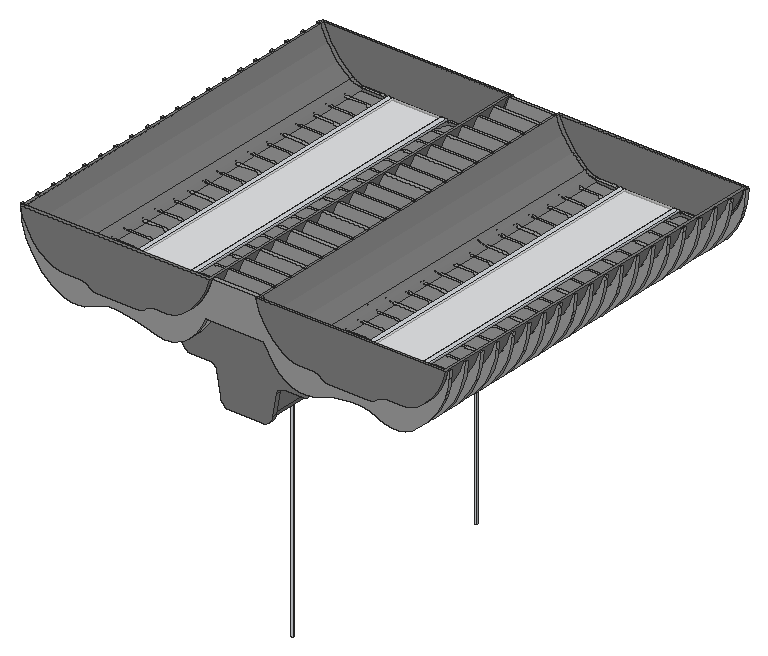
Revit family "0039263 Feilo Sylvania Lighting Fixtures SYLBAY LED 4000K 18-5KLM WIDE DALI", category Lighting Fixtures, host Face, Revit 2017 (continued)
Definition of nested family "SylbayBody"
  Definition of nested family "SlybayRib"
    Dimensions and locks
      locked: plane 3 "Center (Left/Right)" to Extrusion 2 sketch curve at 83.982  (x2)
      locked: plane 3 "Center (Left/Right)" to Extrusion 2 sketch curve at 79.005  (x2)
      locked: plane 3 "Center (Left/Right)" to Extrusion 2 sketch curve at 119.907  (x2)
      locked: plane 3 "Center (Left/Right)" to Extrusion 2 sketch curve at 61.405  (x2)
      locked: plane 3 "Center (Left/Right)" to Extrusion 2 sketch curve at 138.973  (x2)
      locked: plane 3 "Center (Left/Right)" to Extrusion 2 sketch curve at 84.583  (x2)
      locked: plane 3 "Center (Left/Right)" to Extrusion 2 sketch curve at 117.917  (x2)
      locked: plane 3 "Center (Left/Right)" to Extrusion 2 sketch curve at 132.583  (x2)
      locked: plane 3 "Center (Left/Right)" to Extrusion 2 sketch curve at 69.917  (x2)
      locked: Extrusion 2 sketch curve to plane 6 at 21.825  (x2)
      locked: Extrusion 2 sketch curve to plane 6 at 0.822  (x2)
      locked: plane 6 to Extrusion 2 sketch curve at 10.994  (x2)
      locked: plane 6 to Extrusion 2 sketch curve at 15.285  (x2)
      locked: plane 6 to Extrusion 2 sketch curve at 31.076  (x2)
      locked: plane 6 to Extrusion 2 sketch curve at 33.728  (x4)
      locked: plane 6 to Extrusion 2 sketch curve at 29.917  (x2)
      locked: plane 6 to Extrusion 2 sketch curve at 47.728  (x4)
      locked: plane 6 to Extrusion 2 sketch curve at 100.413  (x2)
      locked: plane 6 to Extrusion 2 sketch curve at 141.419  (x2)
      locked: plane 3 "Center (Left/Right)" to Extrusion 2 sketch curve at 106.788  (x2)
      locked: plane 3 "Center (Left/Right)" to Extrusion 2 sketch curve at 104.198  (x2)
      locked: plane 3 "Center (Left/Right)" to Extrusion 2 sketch curve at 130.69  (x2)
      locked: Extrusion 2 sketch curve to plane 6 at 14.858  (x2)
      locked: plane 6 to Extrusion 2 sketch curve at 10.032  (x2)
      locked: plane 3 "Center (Left/Right)" to Extrusion 2 sketch curve at 145.75  (x2)
      aligned and locked: plane 2 to Extrusion 1
      aligned and locked: level to Extrusion 1
      aligned and locked: plane 6 to Extrusion 2 sketch curve
      aligned and locked: plane 4 to Extrusion 2 sketch curve
      aligned and locked: plane 17 to Extrusion 2 sketch curve
      aligned and locked: plane 14 to Extrusion 2 sketch curve
      aligned and locked: Extrusion 2 sketch curve to plane 17
      aligned and locked: plane 8 to Extrusion 2 sketch curve  (x3)
      aligned and locked: plane 2 to plane 6
      aligned and locked: plane 20 to Extrusion 2 sketch curve
      aligned and locked: plane 11 to Extrusion 2 sketch curve  (x2)
      aligned and locked: plane 12 to Extrusion 2 sketch curve
      aligned and locked: Extrusion 2 sketch curve to plane 6
      aligned and locked: Extrusion 2 sketch curve to level
      aligned and locked: Extrusion 2 sketch curve to plane 11
    Automatic sketch dimensions
      Extrusion 1 sketch curve to Extrusion 1 sketch curve = 2438.4 mm  (x2)
      Extrusion 2 sketch curve to plane 11 = 0 mm  (x6)
      Extrusion 2 sketch curve to plane 8 = 0 mm  (x7)
      Extrusion 2 sketch curve to plane 17 = 0 mm
      Extrusion 2 sketch curve to plane 5 = 0 mm
      Extrusion 2 sketch curve to plane 14 = 0 mm
      Extrusion 2 sketch curve to plane 17 = 2 mm  (x3)
      Extrusion 2 sketch curve to plane 15 = 1.167 mm
      plane 14 to Extrusion 2 sketch curve = 2 mm  (x3)
      Extrusion 2 sketch curve to plane 19 = 1.167 mm
Definition of nested family "SlybayRib"
  Parameters (values of type "SylbayRib")
    URL = "http://www.feilosylvania.com"
    Type Image = (empty or 0)
    Type Comments = "n/a"
    RibThickness_FEILO = 2.5 mm
    RibExtrusionStart_FEILO = RibThickness_FEILO / 2  # 1.25 mm
    RibExtrusionEnd_FEILO = -RibThickness_FEILO / 2  # -1.25 mm
    RibDistance_FEILO = 0 mm
    Model = ""
    Manufacturer = "Feilo Sylvania"
    Keynote = ""
    Description = "n/a"
    Default Elevation = 1219.2 mm
    Cost = 0
    BodyMaterial = none
    Assembly Code = ""
  Reference planes
    plane 1 "Center (Front/Back)": y = 0
    plane 2: z = 0
    plane 3 "Center (Left/Right)": x = 0
    plane 4: x = -187.5
    plane 5: x = 187.5
    plane 6: z = 0
    plane 7: z = -62.478
    plane 8: z = -53.728
    plane 9: x = -102.75
    plane 10: x = 102.75
    plane 11: z = -33.728
    plane 12: x = -185.5
    plane 13: x = -20
    plane 14: z = -43.728
    plane 15: x = -122.75
    plane 16: x = -82.75
    plane 17: z = -37.728
    plane 18: x = -130.75
    plane 19: x = -74.75
    plane 20: x = -145.75
    plane 21: x = -59.75
    plane 22: x = -25.3
  Forms (mm)
    Extrusion 1, solid
      sketch origin (4.2, 0, 0) x (1, 0, 0) y (0, 1, 0)
        loop
          line (-1219.2, 1219.2) -> (-1219.2, -1219.2) -> (1219.2, -1219.2) -> (1219.2, 1219.2) -> (-1219.2, 1219.2)
      from 0 to -304.8
    Extrusion 2, solid, material <- "BodyMaterial"
      sketch origin (0, 0, 0) x (1, 0, 0) y (0, 0, 1)
        loop
          arc (-187.5, 0) -> (-180.003, -30.129) -> (-159.829, -53.728) r 67.598
          arc (-159.829, -53.728) -> (-143.258, -61.567) -> (-125.169, -58.599) r 30.791
          arc (-125.169, -58.599) -> (-113.533, -54.576) -> (-101.25, -53.728) r 46.777
          arc (-101.25, -53.728) -> (-87.202, -55.765) -> (-73.664, -60.037) r 87.865
          arc (-73.664, -60.037) -> (-55.541, -61.903) -> (-39.258, -53.728) r 32.519
          arc (-39.258, -53.728) -> (-31.199, -44.469) -> (-25.254, -33.728) r 58.361
          line (-25.254, -33.728) -> (25.254, -33.728)
          arc (25.254, -33.728) -> (31.199, -44.469) -> (39.258, -53.728) r 58.361
          arc (39.258, -53.728) -> (55.541, -61.903) -> (73.664, -60.037) r 32.519
          arc (73.664, -60.037) -> (87.202, -55.765) -> (101.25, -53.728) r 87.865
          arc (101.25, -53.728) -> (113.533, -54.576) -> (125.169, -58.599) r 46.777
          arc (125.169, -58.599) -> (143.258, -61.567) -> (159.829, -53.728) r 30.791
          arc (159.829, -53.728) -> (180.003, -30.129) -> (187.5, 0) r 67.598
          line (187.5, 0) -> (185.5, 0)
          arc (185.5, 0) -> (176.046, -19.314) -> (160.088, -33.728) r 56.788
          arc (160.088, -33.728) -> (153.193, -36.71) -> (145.75, -37.728) r 27.697
          line (145.75, -37.728) -> (132.583, -37.728)
          arc (132.583, -37.728) -> (129.421, -38.242) -> (126.583, -39.728) r 10
          line (126.583, -39.728) -> (123.917, -41.728)
          arc (123.917, -41.728) -> (121.079, -43.215) -> (117.917, -43.728) r 10
          line (117.917, -43.728) -> (84.583, -43.728)
          arc (84.583, -43.728) -> (81.421, -43.215) -> (78.583, -41.728) r 10
          line (78.583, -41.728) -> (75.917, -39.728)
          arc (75.917, -39.728) -> (73.079, -38.242) -> (69.917, -37.728) r 10
          line (69.917, -37.728) -> (58.25, -37.728)
          arc (58.25, -37.728) -> (51.55, -36.705) -> (45.461, -33.728) r 22.443
          arc (45.461, -33.728) -> (30.027, -18.905) -> (20, 0) r 67.602
          line (20, 0) -> (-20, 0)
          arc (-20, 0) -> (-30.027, -18.905) -> (-45.461, -33.728) r 67.602
          arc (-45.461, -33.728) -> (-51.55, -36.705) -> (-58.25, -37.728) r 22.443
          line (-58.25, -37.728) -> (-69.917, -37.728)
          arc (-69.917, -37.728) -> (-73.079, -38.242) -> (-75.917, -39.728) r 10
          line (-75.917, -39.728) -> (-78.583, -41.728)
          arc (-78.583, -41.728) -> (-81.421, -43.215) -> (-84.583, -43.728) r 10
          line (-84.583, -43.728) -> (-117.917, -43.728)
          arc (-117.917, -43.728) -> (-121.079, -43.215) -> (-123.917, -41.728) r 10
          line (-123.917, -41.728) -> (-126.583, -39.728)
          arc (-126.583, -39.728) -> (-129.421, -38.242) -> (-132.583, -37.728) r 10
          line (-132.583, -37.728) -> (-145.75, -37.728)
          arc (-145.75, -37.728) -> (-153.193, -36.71) -> (-160.088, -33.728) r 27.697
          arc (-160.088, -33.728) -> (-176.046, -19.314) -> (-185.5, 0) r 56.788
          line (-185.5, 0) -> (-187.5, 0)
      from 1.25 <- "RibExtrusionStart_FEILO" to -1.25 <- "RibExtrusionEnd_FEILO"
  Dimensions and locks
    equal spacing: plane 5, plane 3 "Center (Left/Right)", plane 4
    locked: plane 5 to plane 4 at 375
    locked: plane 6 to plane 7 at 62.478
    locked: plane 6 to plane 8 at 53.728
    equal spacing: plane 10, plane 3 "Center (Left/Right)", plane 9
    plane 3 "Center (Left/Right)" to plane 9 = 102.75 mm
    locked: plane 6 to plane 11 at 33.728
    equal spacing: plane 13, plane 9, plane 12
    locked: plane 14 to plane 8 at 10
    equal spacing: plane 16, plane 9, plane 15
    locked: plane 9 to plane 15 at 20
    locked: plane 17 to plane 14 at 6
    equal spacing: plane 19, plane 9, plane 18
    locked: plane 15 to plane 18 at 8
    equal spacing: plane 21, plane 9, plane 20
    locked: plane 18 to plane 20 at 15
    locked: plane 13 to plane 22 at 5.3
    locked: plane 3 "Center (Left/Right)" to Extrusion 2 sketch curve at 83.982  (x2)
    locked: plane 3 "Center (Left/Right)" to Extrusion 2 sketch curve at 79.005  (x2)
    locked: plane 3 "Center (Left/Right)" to Extrusion 2 sketch curve at 119.907  (x2)
    locked: plane 3 "Center (Left/Right)" to Extrusion 2 sketch curve at 61.405  (x2)
    locked: plane 3 "Center (Left/Right)" to Extrusion 2 sketch curve at 138.973  (x2)
    locked: plane 3 "Center (Left/Right)" to Extrusion 2 sketch curve at 84.583  (x2)
    locked: plane 3 "Center (Left/Right)" to Extrusion 2 sketch curve at 117.917  (x2)
    locked: plane 3 "Center (Left/Right)" to Extrusion 2 sketch curve at 132.583  (x2)
    locked: plane 3 "Center (Left/Right)" to Extrusion 2 sketch curve at 69.917  (x2)
    locked: Extrusion 2 sketch curve to plane 6 at 21.825  (x2)
    locked: Extrusion 2 sketch curve to plane 6 at 0.822  (x2)
    locked: plane 6 to Extrusion 2 sketch curve at 10.994  (x2)
    locked: plane 6 to Extrusion 2 sketch curve at 15.285  (x2)
    locked: plane 6 to Extrusion 2 sketch curve at 31.076  (x2)
    locked: plane 6 to Extrusion 2 sketch curve at 33.728  (x4)
    locked: plane 6 to Extrusion 2 sketch curve at 29.917  (x2)
    locked: plane 6 to Extrusion 2 sketch curve at 47.728  (x4)
    locked: plane 6 to Extrusion 2 sketch curve at 100.413  (x2)
    locked: plane 6 to Extrusion 2 sketch curve at 141.419  (x2)
    locked: plane 3 "Center (Left/Right)" to Extrusion 2 sketch curve at 106.788  (x2)
    locked: plane 3 "Center (Left/Right)" to Extrusion 2 sketch curve at 104.198  (x2)
    locked: plane 3 "Center (Left/Right)" to Extrusion 2 sketch curve at 130.69  (x2)
    locked: Extrusion 2 sketch curve to plane 6 at 14.858  (x2)
    locked: plane 6 to Extrusion 2 sketch curve at 10.032  (x2)
    locked: plane 3 "Center (Left/Right)" to Extrusion 2 sketch curve at 145.75  (x2)
    aligned and locked: plane 2 to Extrusion 1
    aligned and locked: level to Extrusion 1
    aligned and locked: plane 6 to Extrusion 2 sketch curve
    aligned and locked: plane 4 to Extrusion 2 sketch curve
    aligned and locked: plane 17 to Extrusion 2 sketch curve
    aligned and locked: plane 14 to Extrusion 2 sketch curve
    aligned and locked: Extrusion 2 sketch curve to plane 17
    aligned and locked: plane 8 to Extrusion 2 sketch curve  (x3)
    aligned and locked: plane 2 to plane 6
    aligned and locked: plane 20 to Extrusion 2 sketch curve
    aligned and locked: plane 11 to Extrusion 2 sketch curve  (x2)
    aligned and locked: plane 12 to Extrusion 2 sketch curve
    aligned and locked: Extrusion 2 sketch curve to plane 6
    aligned and locked: Extrusion 2 sketch curve to level
    aligned and locked: Extrusion 2 sketch curve to plane 11
  Automatic sketch dimensions
    Extrusion 1 sketch curve to Extrusion 1 sketch curve = 2438.4 mm  (x2)
    Extrusion 2 sketch curve to plane 11 = 0 mm  (x6)
    Extrusion 2 sketch curve to plane 8 = 0 mm  (x7)
    Extrusion 2 sketch curve to plane 17 = 0 mm
    Extrusion 2 sketch curve to plane 5 = 0 mm
    Extrusion 2 sketch curve to plane 14 = 0 mm
    Extrusion 2 sketch curve to plane 17 = 2 mm  (x3)
    Extrusion 2 sketch curve to plane 15 = 1.167 mm
    plane 14 to Extrusion 2 sketch curve = 2 mm  (x3)
    Extrusion 2 sketch curve to plane 19 = 1.167 mm
